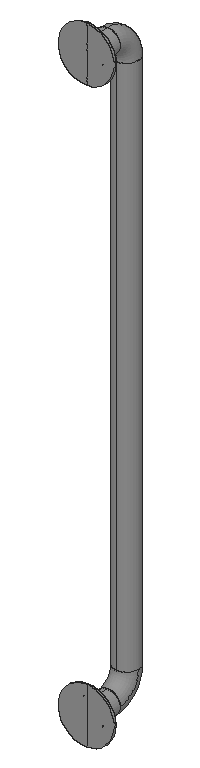
Revit family "Barra Recta 1759 00", category Plumbing Fixtures, Revit 2015
Parameters (values of type "Barra Recta 1759 00")
  Width = 72.841 mm
  URL = "www.mk.cl"
  Type Comments = "Barra Recta"
  Supplier = "Mk"  # constant formula
  Model = "Barra Recta 1759 00"
  Manufacturer = "Genebre"  # constant formula
  Keynote = "22 42 26"
  ID_Source = "BIMTOOL"
  ID_Objeto = "BT_F_F_1808"
  Height = 800 mm
  Description = "Barra Fija de Sujecion"
  Depth = 75 mm
  Copyright © = "Bimtool 2018 ®Todos los derechos reservados."  # constant formula
  BT_Uso = "Barra Sujecion"
  BT_SKU = "00 00 00"
  BT_Material = Acero Inoxidable
  BT_Itemizado_Estandar_CDT = "E 04 02 00"
  BT_Color = "Cromo"
  Assembly Code = "D2010.60"
Reference planes
  plane 1 "Center (Front/Back)": y = 0
  plane 2: z = 0
  plane 3 "Center (Left/Right)": x = 0
  plane 4: y = 37.5
  plane 5: y = -37.5
  plane 6: z = 800
  plane 7: x = -36.42
  plane 8: x = 36.42
Forms (mm)
  Revolve 1, solid, material "Acero Inoxidable"
    sketch origin (0, 0, 0) x (0, 1, 0) y (0, 0, 1)
      loop
        line (-33.594, 17.064) -> (-33.594, 34.375)
        arc (-33.594, 34.375) -> (-34.339, 36.842) -> (-36.324, 38.484) r 4.457
        line (-36.324, 38.484) -> (-36.324, 53.484) -> (-38.232, 53.484) -> (-38.232, 17.064) -> (-33.594, 17.064)
      axis (-33.594, 17.064) -> (-38.232, 17.064)
    angle from 0 to 360
  Revolve 2, solid, material "Acero Inoxidable"
    sketch origin (0, 0, 0) x (0, 1, 0) y (0, 0, 1)
      loop
        line (-3.663, 17.011) -> (-3.663, 32.745) -> (-33.663, 32.745) -> (-33.663, 17.011) -> (-3.663, 17.011)
      axis (-33.663, 17.011) -> (-3.663, 17.011)
    angle from 0 to 360
  Sweep 3, solid, material "Acero Inoxidable"
    path origin (0, 0, 7.93) x (0, 1, 0) y (0, 0, 1)
      loop
        arc (-3.663, 17.011) -> (12.568, 23.734) -> (19.292, 39.966) r 22.955
    profile origin (0, 12.568, 31.665) x (0, -0.707107, 0.707107) y (1, 0, 0)
      loop
        circle (-7.896, 0) r 15.7
  Revolve 4, solid, material "Acero Inoxidable"
    sketch origin (0, 0, 0) x (0, 1, 0) y (0, 0, 1)
      loop
        line (27.187, 760.272) -> (27.187, 47.896) -> (42.887, 47.896) -> (42.887, 760.272) -> (27.187, 760.272)
      axis (27.187, 47.896) -> (27.187, 760.272)
    angle from 0 to 360
  Revolve 5, solid, material "Acero Inoxidable"
    sketch origin (0, 0, 497.896) x (0, 1, 0) y (0, 0, -1)
      loop
        line (-33.594, -292.936) -> (-33.594, -275.625)
        arc (-33.594, -275.625) -> (-34.339, -273.158) -> (-36.324, -271.516) r 4.457
        line (-36.324, -271.516) -> (-36.324, -256.516) -> (-38.232, -256.516) -> (-38.232, -292.936) -> (-33.594, -292.936)
      axis (-33.594, -292.936) -> (-38.232, -292.936)
    angle from 0 to 360
  Revolve 6, solid, material "Acero Inoxidable"
    sketch origin (0, 0, 497.896) x (0, 1, 0) y (0, 0, -1)
      loop
        line (-3.663, -292.989) -> (-3.663, -277.255) -> (-33.663, -277.255) -> (-33.663, -292.989) -> (-3.663, -292.989)
      axis (-33.663, -292.989) -> (-3.663, -292.989)
    angle from 0 to 360
  Sweep 7, solid, material "Acero Inoxidable"
    path origin (0, 0, 489.966) x (0, 1, 0) y (0, 0, -1)
      loop
        arc (-3.663, -292.989) -> (12.568, -286.266) -> (19.292, -270.034) r 22.955
    profile origin (0, 12.568, 776.232) x (0, 0.707107, 0.707107) y (1, 0, 0)
      loop
        circle (7.896, 0) r 15.7
Dimensions and locks
  "Height": level to plane 6
  "Width": plane 8 to plane 7
  "Depth": plane 5 to plane 4
  aligned and locked: level to plane 2
Automatic sketch dimensions
  Revolve 1 sketch curve to plane 5 = 0.732 mm
  Revolve 1 sketch curve to plane 5 = 0.551 mm
  plane 5 to Revolve 1 sketch curve = 1.176 mm
  plane 5 to Revolve 1 sketch curve = 3.906 mm
  level to Revolve 1 sketch curve = 17.064 mm
  Revolve 1 sketch curve to Revolve 1 sketch curve = 17.311 mm
  Revolve 1 sketch curve to Revolve 1 sketch curve = 15 mm
  Revolve 1 sketch curve to Revolve 1 sketch curve = 0 mm  (x3)
  plane 5 to Revolve 2 sketch curve = 3.837 mm
  plane 1 "Center (Front/Back)" to Revolve 2 sketch curve = 3.663 mm
  level to Revolve 2 sketch curve = 17.011 mm
  Revolve 2 sketch curve to Revolve 2 sketch curve = 15.734 mm
  Revolve 2 sketch curve to Revolve 2 sketch curve = 0 mm  (x3)
  plane 1 "Center (Front/Back)" to Sweep 3 sketch curve = 3.663 mm
  level to Sweep 3 sketch curve = 47.896 mm
  plane 4 to Sweep 3 sketch curve = 18.208 mm
  Sweep 3 sketch curve to plane 3 "Center (Left/Right)" = 0 mm
  profile plane to Sweep 3 sketch curve = 7.896 mm
  plane 4 to Revolve 4 sketch curve = 10.313 mm  (x2)
  Revolve 4 sketch curve to plane 4 = 5.387 mm
  level to Revolve 4 sketch curve = 47.896 mm
  Revolve 4 sketch curve to plane 6 = 39.728 mm
  Revolve 4 sketch curve to Revolve 4 sketch curve = 0 mm
  Revolve 4 sketch curve to Revolve 4 sketch curve = 201.052 mm
  plane 5 to Revolve 5 sketch curve = 0.732 mm
  plane 5 to Revolve 5 sketch curve = 0.551 mm
  Revolve 5 sketch curve to plane 5 = 1.176 mm
  Revolve 5 sketch curve to plane 5 = 3.906 mm
  plane 6 to Revolve 5 sketch curve = 9.168 mm
  Revolve 5 sketch curve to Revolve 5 sketch curve = 17.311 mm
  Revolve 5 sketch curve to Revolve 5 sketch curve = 15 mm
  Revolve 5 sketch curve to Revolve 5 sketch curve = 0 mm  (x3)
  Revolve 6 sketch curve to plane 5 = 3.837 mm
  Revolve 6 sketch curve to plane 1 "Center (Front/Back)" = 3.663 mm
  plane 6 to Revolve 6 sketch curve = 9.115 mm
  Revolve 6 sketch curve to Revolve 6 sketch curve = 15.734 mm
  Revolve 6 sketch curve to Revolve 6 sketch curve = 0 mm  (x3)
  Sweep 7 sketch curve to plane 1 "Center (Front/Back)" = 3.663 mm
  plane 6 to Sweep 7 sketch curve = 40 mm
  Sweep 7 sketch curve to plane 4 = 18.208 mm
  Sweep 7 sketch curve to plane 3 "Center (Left/Right)" = 0 mm
  Sweep 7 sketch curve to profile plane = 7.896 mm
  radius of Sweep 3 sketch curve = 15.7 mm
  radius of Sweep 7 sketch curve = 15.7 mm
